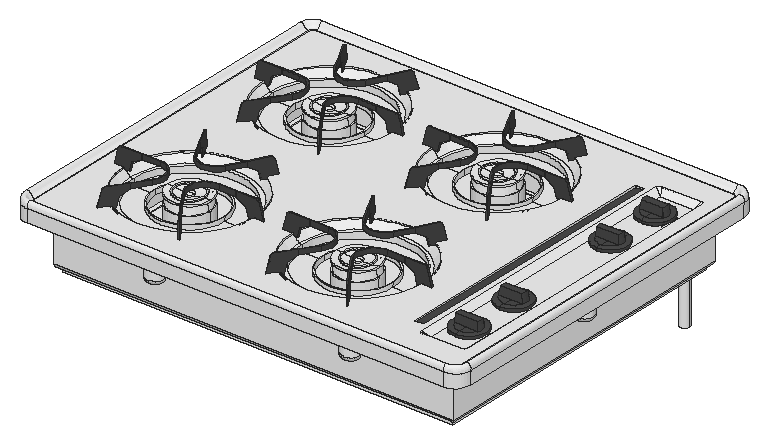
Revit family "QF_Summit_ZNL033_Cooktop", category Specialty Equipment, Revit 2020 (continued)
Definition of nested family "Summit_Burner"
  Automatic sketch dimensions
    curve 22 to plane 7 "Center Y" = 0.00467"
    curve 9 to curve 10 = 0.003"
    plane 8 "Center X" to curve 6 = 1/32"
    curve 5 to plane 8 "Center X" = 1/32"
    curve 6 to curve 5 = 0.00426"
    curve 7 to plane 3 "LEFT" = 0.24994"
    curve 10 to curve 15 = 0.00493"
    curve 9 to curve 15 = 0.00185"
    curve 9 to curve 8 = 0.00046"
    plane 8 "Center X" to curve 18 = 0.00072"
    curve 18 to curve 19 = 0.00005"
    curve 31 to curve 11 = 0.00029"
    curve 31 to curve 32 = 0.0001"
    plane 8 "Center X" to curve 26 = 0.00012"
    curve 36 to plane 8 "Center X" = 0"
    curve 37 to plane 8 "Center X" = 0"
    curve 28 to plane 8 "Center X" = 0.00005"
    curve 28 to curve 30 = 0"
    curve 28 to curve 29 = 0"
    curve 37 to curve 23 = 0.00008"
    curve 23 to curve 21 = 0.00002"
    curve 21 to curve 20 = 0.00003"
    curve 30 to curve 16 = 0.00015"
    curve 32 to curve 20 = 0.08532"
    curve 21 to curve 32 = 0.00683"
    curve 31 to curve 21 = 0.0725"
    curve 12 to curve 11 = 0.00194"
    curve 34 to curve 12 = 0.06053"
    curve 33 to curve 12 = 0.06852"
    curve 10 to curve 11 = 0.27562"
    curve 30 to curve 23 = 0.05436"
    curve 35 to curve 10 = 0.05987"
    curve 32 to curve 33 = 0.01816"
    curve 34 to curve 32 = 0.06703"
    curve 31 to curve 34 = 0.0111"
    curve 29 to curve 25 = 0.0546"
    curve 26 to curve 25 = 0.14085"
    curve 36 to curve 9 = 0.05612"
    curve 28 to curve 26 = 0.05462"
    curve 8 to curve 36 = 0.11219"
    curve 37 to curve 8 = 0.0556"
    curve 30 to curve 35 = 0.00104"
    curve 29 to curve 36 = 0.00067"
    curve 28 to curve 37 = 0.00063"
    curve 18 to curve 21 = 0.00535"
    curve 21 to curve 19 = 0.07323"
    curve 11 to curve 12 = 0.0019"
    curve 12 to curve 14 = 0.06051"
    curve 12 to curve 13 = 0.06855"
    curve 11 to curve 10 = 0.3055"
    curve 23 to curve 22 = 0.06833"
    curve 10 to curve 15 = 0.04534"
    curve 13 to curve 18 = 0.01507"
    curve 18 to curve 14 = 0.07001"
    curve 19 to plane 8 "Center X" = 0.08242"
    curve 25 to curve 24 = 0.05466"
    curve 9 to curve 16 = 0.0538"
    curve 26 to curve 27 = 7/128"
    curve 9 to curve 8 = 0.16803"
    curve 8 to curve 17 = 0.04772"
    curve 15 to curve 22 = 0.00203"
    curve 16 to curve 24 = 0.0001"
    curve 17 to curve 27 = 0.00107"
    curve 30 to curve 35 = 0.06245"
    curve 29 to curve 36 = 0.06245"
    curve 28 to curve 37 = 0.06245"
    curve 18 to curve 14 = 0.0297"
    curve 32 to curve 34 = 0.03106"
    curve 12 to curve 34 = 0.04337"
    curve 14 to curve 11 = 0.04324"
    curve 15 to curve 10 = 0.02225"
    curve 16 to curve 9 = 0.03201"
    curve 17 to curve 8 = 0.02894"
    Revolve 1 sketch curve to plane 7 "Center Y" = 0"  (x2)
    Revolve 1 sketch curve to Revolve 1 sketch curve = 0.23333"
    Revolve 1 sketch curve to plane 7 "Center Y" = 0.24695"
    Revolve 1 sketch curve to Revolve 1 sketch curve = 0.51345"
    Revolve 1 sketch curve to Revolve 1 sketch curve = 0.02917"
    Revolve 1 sketch curve to Revolve 1 sketch curve = 0.18246"
    Revolve 1 sketch curve to Revolve 1 sketch curve = 0.07859"
    Revolve 1 sketch curve to Revolve 1 sketch curve = 0.0713"
    Revolve 1 sketch curve to plane 6 "TOP" = 0.50892"
    Revolve 1 sketch curve to Revolve 1 sketch curve = 0.14989"
    Revolve 1 sketch curve to Revolve 1 sketch curve = 0.7"
    Revolve 1 sketch curve to Revolve 1 sketch curve = 0.05833"  (x2)
    plane 3 "LEFT" to Revolve 1 sketch curve = 0.74587"
    Revolve 1 sketch curve to Revolve 1 sketch curve = 0.1959"
    plane 3 "LEFT" to Revolve 1 sketch curve = 1/4"
    Revolve 1 sketch curve to plane 6 "TOP" = 0.53304"
    Revolve 1 sketch curve to Revolve 1 sketch curve = 0.02643"
    Revolve 1 sketch curve to plane 6 "TOP" = 0.8456"
    Revolve 1 sketch curve to Revolve 1 sketch curve = 0"  (x2)
    Revolve 1 sketch curve to Revolve 1 sketch curve = 0.20616"
    Revolve 1 sketch curve to Revolve 1 sketch curve = 1.38136"
    Revolve 1 sketch curve to Revolve 1 sketch curve = 0.0449"
    Revolve 1 sketch curve to Revolve 1 sketch curve = 0.35749"
    Revolve 1 sketch curve to Revolve 1 sketch curve = 0.07043"
    Revolve 1 sketch curve to Revolve 1 sketch curve = 0.03555"
    Revolve 1 sketch curve to Revolve 1 sketch curve = 0.07819"
    Revolve 1 sketch curve to Revolve 1 sketch curve = 0.04006"
    Revolve 1 sketch curve to Revolve 1 sketch curve = 0.01412"
    Revolve 1 sketch curve to Revolve 1 sketch curve = 0.0834"
    Extrusion 2 sketch curve to Extrusion 2 sketch curve = 0"  (x6)
    Extrusion 2 sketch curve to plane 7 "Center Y" = 0"
    plane 7 "Center Y" to Extrusion 2 sketch curve = 0.78533"
    plane 7 "Center Y" to Extrusion 2 sketch curve = 0.79697"
    Extrusion 2 sketch curve to Extrusion 2 sketch curve = 0.05518"  (x4)
    Extrusion 2 sketch curve to Extrusion 2 sketch curve = 0.05181"  (x4)
    Extrusion 2 sketch curve to Extrusion 2 sketch curve = 0.44677"  (x2)
    Extrusion 2 sketch curve to Extrusion 2 sketch curve = 0.54664"  (x2)
    Extrusion 2 sketch curve to plane 8 "Center X" = 1/32"
    Extrusion 2 sketch curve to Extrusion 2 sketch curve = 0.73738"  (x2)
    Extrusion 2 sketch curve to Extrusion 2 sketch curve = 0.95164"  (x2)
    Extrusion 2 sketch curve to plane 7 "Center Y" = 0.78533"
    Extrusion 2 sketch curve to plane 7 "Center Y" = 0.79697"
    plane 8 "Center X" to Extrusion 2 sketch curve = 1/32"
    plane 8 "Center X" to Extrusion 2 sketch curve = 1.39462"
    Extrusion 2 sketch curve to Extrusion 2 sketch curve = 0.02934"
    Extrusion 2 sketch curve to Extrusion 2 sketch curve = 0.41757"
    Extrusion 2 sketch curve to Extrusion 2 sketch curve = 1/16"  (x2)
    Extrusion 2 sketch curve to Extrusion 2 sketch curve = 0.88944"  (x2)
    plane 6 "TOP" to Extrusion 3 sketch curve = 1/4"
    plane 3 "LEFT" to Extrusion 3 sketch curve = 1.21219"
    Extrusion 3 sketch curve to plane 6 "TOP" = 0.05877"
    Extrusion 3 sketch curve to Extrusion 3 sketch curve = 0.53481"
    Extrusion 3 sketch curve to Extrusion 3 sketch curve = 0.12323"
    Extrusion 3 sketch curve to Extrusion 3 sketch curve = 1/4"
    Extrusion 3 sketch curve to Extrusion 3 sketch curve = 0.09613"
    plane 3 "LEFT" to Extrusion 3 sketch curve = 0.16348"
    Extrusion 3 sketch curve to plane 3 "LEFT" = 0.05937"
    Extrusion 3 sketch curve to plane 3 "LEFT" = 0.24994"
    Extrusion 3 sketch curve to plane 6 "TOP" = 0.43845"
    Extrusion 3 sketch curve to Extrusion 3 sketch curve = 0.11457"
    plane 6 "TOP" to Extrusion 3 sketch curve = 0.27032"
    Extrusion 3 sketch curve to Extrusion 3 sketch curve = 0.05556"
    plane 6 "TOP" to Extrusion 4 sketch curve = 1/4"
    Extrusion 4 sketch curve to plane 6 "TOP" = 0.05877"
    Extrusion 4 sketch curve to Extrusion 4 sketch curve = 0.53481"
    Extrusion 4 sketch curve to Extrusion 4 sketch curve = 0.12323"
    Extrusion 4 sketch curve to plane 6 "TOP" = 0.55301"
    Extrusion 4 sketch curve to Extrusion 4 sketch curve = 1/4"
    Extrusion 4 sketch curve to plane 6 "TOP" = 0.43845"
    Extrusion 4 sketch curve to Extrusion 4 sketch curve = 0.09613"
    plane 6 "TOP" to Extrusion 4 sketch curve = 0.27032"
    Extrusion 4 sketch curve to Extrusion 4 sketch curve = 0.5139"
    plane 6 "TOP" to Extrusion 4 sketch curve = 0.32589"
    Extrusion 4 sketch curve to Extrusion 4 sketch curve = 0.22285"
    Extrusion 4 sketch curve to Extrusion 4 sketch curve = 0.45796"
    plane 6 "TOP" to Extrusion 5 sketch curve = 1/4"
    plane 4 "RIGHT" to Extrusion 5 sketch curve = 1.21219"
    Extrusion 5 sketch curve to plane 6 "TOP" = 0.05877"
    Extrusion 5 sketch curve to Extrusion 5 sketch curve = 0.53481"
    Extrusion 5 sketch curve to Extrusion 5 sketch curve = 0.12323"
    Extrusion 5 sketch curve to Extrusion 5 sketch curve = 1/4"
    Extrusion 5 sketch curve to Extrusion 5 sketch curve = 0.09613"
    plane 4 "RIGHT" to Extrusion 5 sketch curve = 0.16348"
    Extrusion 5 sketch curve to plane 4 "RIGHT" = 0.05937"
    Extrusion 5 sketch curve to plane 4 "RIGHT" = 0.24994"
    plane 6 "TOP" to Extrusion 5 sketch curve = 0.27032"
    Extrusion 5 sketch curve to Extrusion 5 sketch curve = 0.05556"
    Extrusion 5 sketch curve to plane 6 "TOP" = 0.43845"
    Extrusion 5 sketch curve to Extrusion 5 sketch curve = 0.11457"
    plane 6 "TOP" to Extrusion 6 sketch curve = 1/4"
    Extrusion 6 sketch curve to plane 6 "TOP" = 0.05877"
    Extrusion 6 sketch curve to Extrusion 6 sketch curve = 0.53481"
    Extrusion 6 sketch curve to Extrusion 6 sketch curve = 0.12323"
    Extrusion 6 sketch curve to plane 6 "TOP" = 0.55301"
    Extrusion 6 sketch curve to Extrusion 6 sketch curve = 1/4"
    Extrusion 6 sketch curve to plane 6 "TOP" = 0.43845"
    Extrusion 6 sketch curve to Extrusion 6 sketch curve = 0.09613"
    plane 6 "TOP" to Extrusion 6 sketch curve = 0.27032"
    Extrusion 6 sketch curve to Extrusion 6 sketch curve = 0.5139"
    plane 6 "TOP" to Extrusion 6 sketch curve = 0.32589"
    Extrusion 6 sketch curve to Extrusion 6 sketch curve = 0.22285"
    Extrusion 6 sketch curve to Extrusion 6 sketch curve = 0.45796"
    plane 6 "TOP" to Extrusion 7 sketch curve = 1/4"
    Extrusion 7 sketch curve to plane 6 "TOP" = 0.05877"
    Extrusion 7 sketch curve to Extrusion 7 sketch curve = 0.53481"
    Extrusion 7 sketch curve to Extrusion 7 sketch curve = 0.12323"
    Extrusion 7 sketch curve to plane 6 "TOP" = 0.55301"
    Extrusion 7 sketch curve to Extrusion 7 sketch curve = 1/4"
    Extrusion 7 sketch curve to plane 6 "TOP" = 0.43845"
    Extrusion 7 sketch curve to Extrusion 7 sketch curve = 0.09613"
    plane 6 "TOP" to Extrusion 7 sketch curve = 0.27032"
    Extrusion 7 sketch curve to Extrusion 7 sketch curve = 0.5139"
    plane 6 "TOP" to Extrusion 7 sketch curve = 0.32589"
    Extrusion 7 sketch curve to Extrusion 7 sketch curve = 0.22285"
    Extrusion 7 sketch curve to Extrusion 7 sketch curve = 0.45796"
    plane 6 "TOP" to Extrusion 8 sketch curve = 1/4"
    Extrusion 8 sketch curve to plane 6 "TOP" = 0.05877"
    Extrusion 8 sketch curve to Extrusion 8 sketch curve = 0.53481"
    Extrusion 8 sketch curve to Extrusion 8 sketch curve = 0.12323"
    Extrusion 8 sketch curve to plane 6 "TOP" = 0.55301"
    Extrusion 8 sketch curve to Extrusion 8 sketch curve = 1/4"
    Extrusion 8 sketch curve to plane 6 "TOP" = 0.43845"
    Extrusion 8 sketch curve to Extrusion 8 sketch curve = 0.09613"
    plane 6 "TOP" to Extrusion 8 sketch curve = 0.27032"
    Extrusion 8 sketch curve to Extrusion 8 sketch curve = 0.5139"
    plane 6 "TOP" to Extrusion 8 sketch curve = 0.32589"
    Extrusion 8 sketch curve to Extrusion 8 sketch curve = 0.22285"
    Extrusion 8 sketch curve to Extrusion 8 sketch curve = 0.45796"
    curve 38 to curve 10 = 0.09124"
    curve 39 to curve 38 = 0.05181"
    curve 40 to curve 41 = 0.03495"
    curve 42 to plane 5 "FRONT" = 0.2744"
    curve 10 to curve 43 = 0.11316"
    curve 43 to curve 44 = 0"
    curve 44 to curve 43 = 0.05181"
    curve 45 to curve 9 = 0.5693"
    curve 45 to curve 46 = 0.03495"
    plane 8 "Center X" to curve 49 = 1/32"
    curve 49 to plane 4 "RIGHT" = 0.24994"
    curve 50 to plane 5 "FRONT" = 0.2744"
    curve 45 to curve 50 = 0.05181"
    curve 49 to plane 8 "Center X" = 1/32"
    curve 25 to curve 26 = 0.14084"
    curve 26 to curve 27 = 0.03027"
    curve 23 to curve 30 = 0.03089"
    curve 21 to curve 31 = 0.03066"
    curve 20 to curve 18 = 0.08679"
    curve 21 to curve 32 = 0.07353"
    curve 20 to curve 32 = 0.03085"
    curve 30 to curve 51 = 0.12572"
    curve 51 to curve 23 = 0.07139"
    curve 51 to curve 52 = 0.05518"
    curve 52 to curve 51 = 0.05518"
    curve 56 to curve 55 = 0.05518"
    plane 1 "BACK" to curve 57 = 0.1948"
    plane 1 "BACK" to curve 54 = 0.1948"
    radius of curve 2 = 0.80512"
    radius of curve 3 = 0.74678"
    radius of curve 4 = 0.23333"
